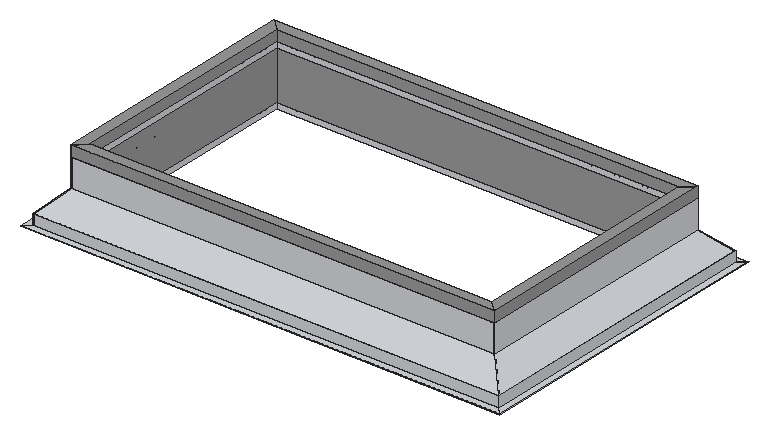
Revit family "UCC-1 (Flat Roof)", category Mechanical Equipment, Revit 2015
Parameters
  URL = "https://unitedenertech.com/catalog/pdf/UCC-1%20submittal%20Model.pdf"
  Type Comments = "Consult Factory for Max. Sizes"
  R (1-1/2" Std.) = 0' - 1 1/2"
  Model = "UCC-1"
  Manufacturer = "United Enertech Corporation"
  H (10" Std.) = 0' - 10"
  Description = "Conventional Roof Curb (for Flat Roofs)"
  B Side O.D. = 5' - 0"
  B Side I.D. [instance] = B Side O.D. - 0' 3"  # 4' - 9"
  A Side O.D. = 3' - 0"
  A Side I.D. [instance] = A Side O.D. - 0' 3"  # 2' - 9"
Reference planes (in)
  plane 1 "Center (Front/Back)": y = 0
  plane 2: z = 0
  plane 3 "Center (Left/Right)": x = 0
  plane 4: y = 18
  plane 5: x = -30
  plane 6: y = -18
  plane 7: x = 30
  plane 8: x = -28.5
  plane 9: y = -16.5
  plane 10: x = 28.5
  plane 11: y = 16.5
  plane 12: z = 1.5
  plane 13: z = 10
Dimensions and locks (in)
  equal spacing: plane 5, plane 3 "Center (Left/Right)", plane 7
  equal spacing: plane 4, plane 1 "Center (Front/Back)", plane 6
  "A Side O.D.": plane 4 to plane 6
  "B Side O.D.": plane 5 to plane 7
  locked: plane 5 to plane 8 at 1.5
  locked: plane 10 to plane 7 at 1.5
  locked: plane 4 to plane 11 at 1.5
  locked: plane 9 to plane 6 at 1.5
  "R (1-1/2" Std.)": plane 12 to level
  "H (10" Std.)": plane 13 to level
  aligned and locked: level to plane 2
  aligned and locked: plane 3 "Center (Left/Right)" to nested 1
  aligned and locked: nested 2 to plane 1 "Center (Front/Back)"
  aligned and locked: plane 6 to nested 1
  aligned and locked: plane 7 to nested 2
  aligned and locked: nested 3 to plane 5
  aligned and locked: plane 4 to nested 4
Nested families (in)
  nested 1: "UCC Side" at (0, -16.5, 0), type "UCC Side"
    with H 0' - 10"
  nested 2: "UCC Side 2" at (28.5, 0, 0) x (0, 1, 0) z (0, 0, 1), type "UCC Side 2"
    with O.D. 3' - 0", H 0' - 10"
  nested 3: "UCC Side 2" at (-28.5, 0, 0) x (0, 1, 0) z (0, 0, 1), type "UCC Side 2"
    with O.D. 3' - 0", H 0' - 10"
  nested 4: "UCC Side" at (0, 16.5, 0), type "UCC Side"
    with H 0' - 10"
Definition of nested family "UCC Side"
  Parameters (values of type "UCC Side")
    R = 0' - 1 1/2"
    O.D. = 5' - 0"
    H = 1' - 0"
  Reference planes (in)
    plane 1 "Center (Front/Back)": y = 0
    plane 2: z = 0
    plane 3 "Center (Left/Right)": x = 0
    plane 4: z = 12
    plane 5: z = 10.5
    plane 6: z = 1.5
    plane 7: z = 4.5
    plane 8: z = 0.75
    plane 9: z = 9.75
    plane 10: y = -1.5
    plane 11: z = 0.0478
    plane 12: z = 0.0956
    plane 13: y = -0.0478
    plane 14: y = -1.4522
    plane 15: y = -4.5
    plane 16: y = -4.4522
    plane 17: y = -5.5
    plane 18: x = -30
    plane 19: x = 30
    plane 20: x = -40.5
    plane 21: x = 40.5
    plane 22: z = 10.4522
  Forms (in)
    Extrusion 1, solid
      sketch origin (0, 0, 0) x (0, 1, 0) y (0, 0, 1)
        loop
          line (0, 0.75) -> (-0.0478, 0.75) -> (-0.0478, 0.0478) -> (-5.5, 0.0478) -> (-5.5, 0) -> (0, 0) -> (0, 0.75)
      from -40.5 to 40.5
    Extrusion 2, void
      sketch origin (0, 0, 0) x (1, 0, 0) y (0, 1, 0)
        loop
          line (-40.5, -12) -> (-23.92373, 4.57627) -> (-40.5, 4.57627) -> (-40.5, -12)
      from 0 to 12
    Extrusion 3, void
      sketch origin (0, 0, 0) x (-1, 0, 0) y (0, -1, 0)
        loop
          line (-40.5, 12) -> (-40.5, -4.57627) -> (-23.92373, -4.57627) -> (-40.5, 12)
      from 0 to 12
    Extrusion 4, solid
      sketch origin (0, 0, 0) x (0, 1, 0) y (0, 0, 1)
        loop
          line (-4.5, 1.5) -> (-4.5, 0.0956) -> (-5.5, 0.0956) -> (-5.5, 0.0478) -> (-4.4522, 0.0478) -> (-4.4522, 1.5) -> (-4.5, 1.5)
      from -40.5 to 40.5
    Extrusion 5, solid
      sketch origin (0, 0, 0) x (0, 1, 0) y (0, 0, 1)
        loop
          line (0, 9.75) -> (0, 10.5) -> (-1.5, 10.5) -> (-1.5, 4.5) -> (-1.4522, 4.5) -> (-1.4522, 10.4522) -> (-0.0478, 10.4522) -> (-0.0478, 9.75) -> (0, 9.75)
      from -40.5 to 40.5
    Extrusion 6, solid
      sketch origin (0, 0, 0) x (0, 1, 0) y (0, 0, 1)
        loop
          line (-1.5, 4.5) -> (-4.5, 1.5) -> (-4.4522, 1.5) -> (-1.4522, 4.5) -> (-1.5, 4.5)
      from -40.5 to 40.5
    Extrusion 7, solid
      sketch origin (0, 0, 0) x (0, 1, 0) y (0, 0, 1)
        loop
          line (0, 12) -> (-1.5, 12) -> (-1.5, 10.5) -> (0, 10.5) -> (0, 12)
      from -40.5 to 40.5
    Extrusion 8, solid
      sketch origin (0, 0, 0) x (0, 1, 0) y (0, 0, 1)
        loop
          line (-0.0478, 10.4522) -> (-1.4522, 10.4522) -> (-1.4522, 0.0478) -> (-0.0478, 0.0478) -> (-0.0478, 10.4522)
      from -40.5 to 40.5
    Extrusion 9, solid
      sketch origin (0, 0, 0) x (0, 1, 0) y (0, 0, 1)
        loop
          line (-1.4522, 1.5) -> (-4.4522, 1.5) -> (-4.4522, 0.0956) -> (-1.4522, 0.0956) -> (-1.4522, 1.5)
      from -40.5 to 40.5
  Cuts and joins
    Extrusion 2, Extrusion 3 cuts Extrusion 7
    Extrusion 2, Extrusion 3 cuts Extrusion 8
    Extrusion 2, Extrusion 3 cuts Extrusion 5
    Extrusion 2, Extrusion 3 cuts Extrusion 9
    Extrusion 2, Extrusion 3 cuts Extrusion 4
    Extrusion 2, Extrusion 3 cuts Extrusion 6
    Extrusion 2, Extrusion 3 cuts Extrusion 1
  Dimensions and locks (in)
    locked: plane 11 to level at 0.0478
    locked: plane 8 to level at 0.75
    locked: plane 12 to plane 11 at 0.0478
    "R": plane 6 to level
    locked: plane 7 to plane 6 at 3
    locked: plane 4 to plane 5 at 1.5
    locked: plane 5 to plane 9 at 0.75
    "H": plane 4 to level
    locked: plane 1 "Center (Front/Back)" to plane 10 at 1.5
    locked: plane 1 "Center (Front/Back)" to plane 13 at 0.0478
    locked: plane 14 to plane 10 at 0.0478
    locked: plane 10 to plane 15 at 3
    locked: plane 16 to plane 15 at 0.0478
    locked: plane 15 to plane 17 at 1
    equal spacing: plane 18, plane 3 "Center (Left/Right)", plane 19
    "O.D.": plane 18 to plane 19
    locked: plane 20 to plane 18 at 10.5
    locked: plane 19 to plane 21 at 10.5
    locked: plane 5 to plane 22 at 0.0478
    aligned and locked: level to plane 2
    aligned and locked: plane 8 to Extrusion 1 sketch curve
    aligned and locked: Extrusion 1 sketch curve to plane 13
    aligned and locked: Extrusion 1 sketch curve to plane 1 "Center (Front/Back)"
    aligned and locked: plane 11 to Extrusion 1 sketch curve
    aligned and locked: Extrusion 1 sketch curve to plane 17
    aligned and locked: Extrusion 1 sketch curve to level
    aligned and locked: plane 21 to Extrusion 1
    aligned and locked: plane 20 to Extrusion 1
    aligned and locked: plane 11 to Extrusion 4 sketch curve
    aligned and locked: plane 16 to Extrusion 4 sketch curve
    aligned and locked: Extrusion 4 sketch curve to plane 12
    aligned and locked: Extrusion 4 sketch curve to plane 15
    aligned and locked: plane 17 to Extrusion 4 sketch curve
    aligned and locked: Extrusion 4 sketch curve to plane 6
    aligned and locked: plane 7 to Extrusion 5 sketch curve
    aligned and locked: plane 10 to Extrusion 5 sketch curve
    aligned and locked: Extrusion 5 sketch curve to plane 14
    aligned and locked: Extrusion 5 sketch curve to plane 5
    aligned and locked: plane 22 to Extrusion 5 sketch curve
    aligned and locked: plane 13 to Extrusion 5 sketch curve
    aligned and locked: plane 9 to Extrusion 5 sketch curve
    aligned and locked: plane 1 "Center (Front/Back)" to Extrusion 5 sketch curve
    aligned and locked: plane 21 to Extrusion 5
    aligned and locked: plane 21 to Extrusion 4
    aligned and locked: plane 20 to Extrusion 5
    aligned and locked: plane 20 to Extrusion 4
    aligned and locked: plane 21 to Extrusion 6
    aligned and locked: plane 20 to Extrusion 6
    aligned and locked: plane 10 to Extrusion 7 sketch curve
    aligned and locked: plane 5 to Extrusion 7 sketch curve
    aligned and locked: plane 1 "Center (Front/Back)" to Extrusion 7 sketch curve
    aligned and locked: Extrusion 7 sketch curve to plane 4
    aligned and locked: plane 21 to Extrusion 7
    aligned and locked: plane 20 to Extrusion 7
    aligned and locked: Extrusion 3 to level
    aligned and locked: Extrusion 2 to level
    aligned and locked: plane 4 to Extrusion 2
    aligned and locked: plane 4 to Extrusion 3
    aligned and locked: Extrusion 8 sketch curve to plane 22
    aligned and locked: Extrusion 8 sketch curve to plane 13
    aligned and locked: plane 14 to Extrusion 8 sketch curve
    aligned and locked: plane 11 to Extrusion 8 sketch curve
    aligned and locked: plane 21 to Extrusion 8
    aligned and locked: plane 20 to Extrusion 8
    aligned and locked: Extrusion 9 sketch curve to plane 14
    aligned and locked: plane 12 to Extrusion 9 sketch curve
    aligned and locked: Extrusion 9 sketch curve to plane 16
    aligned and locked: Extrusion 9 sketch curve to plane 6
    aligned and locked: plane 21 to Extrusion 9
    aligned and locked: plane 20 to Extrusion 9
  Automatic sketch dimensions
    Extrusion 2 sketch curve to plane 20 = 0' - 0"
    Extrusion 2 sketch curve to plane 18 = 0' - 6.07627"
    Extrusion 2 sketch curve to plane 17 = 0' - 6 1/2"
    Extrusion 2 sketch curve to plane 1 "Center (Front/Back)" = 0' - 4.57627"
    Extrusion 3 sketch curve to plane 21 = 0' - 0"
    Extrusion 3 sketch curve to plane 19 = 0' - 6.07627"
    plane 17 to Extrusion 3 sketch curve = 0' - 6 1/2"
    plane 1 "Center (Front/Back)" to Extrusion 3 sketch curve = 0' - 4.57627"
    Extrusion 6 sketch curve to plane 6 = 0' - 0"
    Extrusion 6 sketch curve to plane 15 = 0' - 0"
    Extrusion 6 sketch curve to plane 16 = 0' - 0"
    Extrusion 6 sketch curve to plane 7 = 0' - 0"
    Extrusion 6 sketch curve to plane 10 = 0' - 0"
    Extrusion 6 sketch curve to plane 14 = 0' - 0"
Definition of nested family "UCC Side 2"
  Parameters (values of type "UCC Side 2")
    R = 0' - 1 1/2"
    O.D. = 5' - 0"
    H = 1' - 0"
  Reference planes (in)
    plane 1 "Center (Front/Back)": y = 0
    plane 2: z = 0
    plane 3 "Center (Left/Right)": x = 0
    plane 4: z = 12
    plane 5: z = 10.5
    plane 6: z = 1.5
    plane 7: z = 4.5
    plane 8: z = 0.75
    plane 9: z = 9.75
    plane 10: y = -1.5
    plane 11: z = 0.0478
    plane 12: z = 0.0956
    plane 13: y = -0.0478
    plane 14: y = -1.4522
    plane 15: y = -4.5
    plane 16: y = -4.4522
    plane 17: y = -5.5
    plane 18: x = -30
    plane 19: x = 30
    plane 20: x = -40.5
    plane 21: x = 40.5
    plane 22: z = 10.4522
  Forms (in)
    Extrusion 1, solid
      sketch origin (0, 0, 0) x (0, 1, 0) y (0, 0, 1)
        loop
          line (0, 0.75) -> (-0.0478, 0.75) -> (-0.0478, 0.0478) -> (-5.5, 0.0478) -> (-5.5, 0) -> (0, 0) -> (0, 0.75)
      from -40.5 to 40.5
    Extrusion 2, void
      sketch origin (0, 0, 0) x (1, 0, 0) y (0, 1, 0)
        loop
          line (-40.5, -12) -> (-23.92373, 4.57627) -> (-40.5, 4.57627) -> (-40.5, -12)
      from 0 to 12
    Extrusion 3, void
      sketch origin (0, 0, 0) x (-1, 0, 0) y (0, -1, 0)
        loop
          line (-40.5, 12) -> (-40.5, -4.57627) -> (-23.92373, -4.57627) -> (-40.5, 12)
      from 0 to 12
    Extrusion 4, solid
      sketch origin (0, 0, 0) x (0, 1, 0) y (0, 0, 1)
        loop
          line (-4.5, 1.5) -> (-4.5, 0.0956) -> (-5.5, 0.0956) -> (-5.5, 0.0478) -> (-4.4522, 0.0478) -> (-4.4522, 1.5) -> (-4.5, 1.5)
      from -40.5 to 40.5
    Extrusion 5, solid
      sketch origin (0, 0, 0) x (0, 1, 0) y (0, 0, 1)
        loop
          line (0, 9.75) -> (0, 10.5) -> (-1.5, 10.5) -> (-1.5, 4.5) -> (-1.4522, 4.5) -> (-1.4522, 10.4522) -> (-0.0478, 10.4522) -> (-0.0478, 9.75) -> (0, 9.75)
      from -40.5 to 40.5
    Extrusion 6, solid
      sketch origin (0, 0, 0) x (0, 1, 0) y (0, 0, 1)
        loop
          line (-1.5, 4.5) -> (-4.5, 1.5) -> (-4.4522, 1.5) -> (-1.4522, 4.5) -> (-1.5, 4.5)
      from -40.5 to 40.5
    Extrusion 7, solid
      sketch origin (0, 0, 0) x (0, 1, 0) y (0, 0, 1)
        loop
          line (0, 12) -> (-1.5, 12) -> (-1.5, 10.5) -> (0, 10.5) -> (0, 12)
      from -40.5 to 40.5
    Extrusion 8, solid
      sketch origin (0, 0, 0) x (0, 1, 0) y (0, 0, 1)
        loop
          line (-0.0478, 10.4522) -> (-1.4522, 10.4522) -> (-1.4522, 0.0478) -> (-0.0478, 0.0478) -> (-0.0478, 10.4522)
      from -40.5 to 40.5
    Extrusion 9, solid
      sketch origin (0, 0, 0) x (0, 1, 0) y (0, 0, 1)
        loop
          line (-1.4522, 1.5) -> (-4.4522, 1.5) -> (-4.4522, 0.0956) -> (-1.4522, 0.0956) -> (-1.4522, 1.5)
      from -40.5 to 40.5
  Cuts and joins
    Extrusion 2, Extrusion 3 cuts Extrusion 7
    Extrusion 2, Extrusion 3 cuts Extrusion 8
    Extrusion 2, Extrusion 3 cuts Extrusion 5
    Extrusion 2, Extrusion 3 cuts Extrusion 9
    Extrusion 2, Extrusion 3 cuts Extrusion 4
    Extrusion 2, Extrusion 3 cuts Extrusion 6
    Extrusion 2, Extrusion 3 cuts Extrusion 1
  Dimensions and locks (in)
    locked: plane 11 to level at 0.0478
    locked: plane 8 to level at 0.75
    locked: plane 12 to plane 11 at 0.0478
    "R": plane 6 to level
    locked: plane 7 to plane 6 at 3
    locked: plane 4 to plane 5 at 1.5
    locked: plane 5 to plane 9 at 0.75
    "H": plane 4 to level
    locked: plane 1 "Center (Front/Back)" to plane 10 at 1.5
    locked: plane 1 "Center (Front/Back)" to plane 13 at 0.0478
    locked: plane 14 to plane 10 at 0.0478
    locked: plane 10 to plane 15 at 3
    locked: plane 16 to plane 15 at 0.0478
    locked: plane 15 to plane 17 at 1
    equal spacing: plane 18, plane 3 "Center (Left/Right)", plane 19
    "O.D.": plane 18 to plane 19
    locked: plane 20 to plane 18 at 10.5
    locked: plane 19 to plane 21 at 10.5
    locked: plane 5 to plane 22 at 0.0478
    aligned and locked: level to plane 2
    aligned and locked: plane 8 to Extrusion 1 sketch curve
    aligned and locked: Extrusion 1 sketch curve to plane 13
    aligned and locked: Extrusion 1 sketch curve to plane 1 "Center (Front/Back)"
    aligned and locked: plane 11 to Extrusion 1 sketch curve
    aligned and locked: Extrusion 1 sketch curve to plane 17
    aligned and locked: Extrusion 1 sketch curve to level
    aligned and locked: plane 21 to Extrusion 1
    aligned and locked: plane 20 to Extrusion 1
    aligned and locked: plane 11 to Extrusion 4 sketch curve
    aligned and locked: plane 16 to Extrusion 4 sketch curve
    aligned and locked: Extrusion 4 sketch curve to plane 12
    aligned and locked: Extrusion 4 sketch curve to plane 15
    aligned and locked: plane 17 to Extrusion 4 sketch curve
    aligned and locked: Extrusion 4 sketch curve to plane 6
    aligned and locked: plane 7 to Extrusion 5 sketch curve
    aligned and locked: plane 10 to Extrusion 5 sketch curve
    aligned and locked: Extrusion 5 sketch curve to plane 14
    aligned and locked: Extrusion 5 sketch curve to plane 5
    aligned and locked: plane 22 to Extrusion 5 sketch curve
    aligned and locked: plane 13 to Extrusion 5 sketch curve
    aligned and locked: plane 9 to Extrusion 5 sketch curve
    aligned and locked: plane 1 "Center (Front/Back)" to Extrusion 5 sketch curve
    aligned and locked: plane 21 to Extrusion 5
    aligned and locked: plane 21 to Extrusion 4
    aligned and locked: plane 20 to Extrusion 5
    aligned and locked: plane 20 to Extrusion 4
    aligned and locked: plane 21 to Extrusion 6
    aligned and locked: plane 20 to Extrusion 6
    aligned and locked: plane 10 to Extrusion 7 sketch curve
    aligned and locked: plane 5 to Extrusion 7 sketch curve
    aligned and locked: plane 1 "Center (Front/Back)" to Extrusion 7 sketch curve
    aligned and locked: Extrusion 7 sketch curve to plane 4
    aligned and locked: plane 21 to Extrusion 7
    aligned and locked: plane 20 to Extrusion 7
    aligned and locked: Extrusion 3 to level
    aligned and locked: Extrusion 2 to level
    aligned and locked: plane 4 to Extrusion 2
    aligned and locked: plane 4 to Extrusion 3
    aligned and locked: Extrusion 8 sketch curve to plane 22
    aligned and locked: Extrusion 8 sketch curve to plane 13
    aligned and locked: plane 14 to Extrusion 8 sketch curve
    aligned and locked: plane 11 to Extrusion 8 sketch curve
    aligned and locked: plane 21 to Extrusion 8
    aligned and locked: plane 20 to Extrusion 8
    aligned and locked: Extrusion 9 sketch curve to plane 14
    aligned and locked: plane 12 to Extrusion 9 sketch curve
    aligned and locked: Extrusion 9 sketch curve to plane 16
    aligned and locked: Extrusion 9 sketch curve to plane 6
    aligned and locked: plane 21 to Extrusion 9
    aligned and locked: plane 20 to Extrusion 9
  Automatic sketch dimensions
    Extrusion 2 sketch curve to plane 20 = 0' - 0"
    Extrusion 2 sketch curve to plane 18 = 0' - 6.07627"
    Extrusion 2 sketch curve to plane 17 = 0' - 6 1/2"
    Extrusion 2 sketch curve to plane 1 "Center (Front/Back)" = 0' - 4.57627"
    Extrusion 3 sketch curve to plane 21 = 0' - 0"
    Extrusion 3 sketch curve to plane 19 = 0' - 6.07627"
    plane 17 to Extrusion 3 sketch curve = 0' - 6 1/2"
    plane 1 "Center (Front/Back)" to Extrusion 3 sketch curve = 0' - 4.57627"
    Extrusion 6 sketch curve to plane 6 = 0' - 0"
    Extrusion 6 sketch curve to plane 15 = 0' - 0"
    Extrusion 6 sketch curve to plane 16 = 0' - 0"
    Extrusion 6 sketch curve to plane 7 = 0' - 0"
    Extrusion 6 sketch curve to plane 10 = 0' - 0"
    Extrusion 6 sketch curve to plane 14 = 0' - 0"
